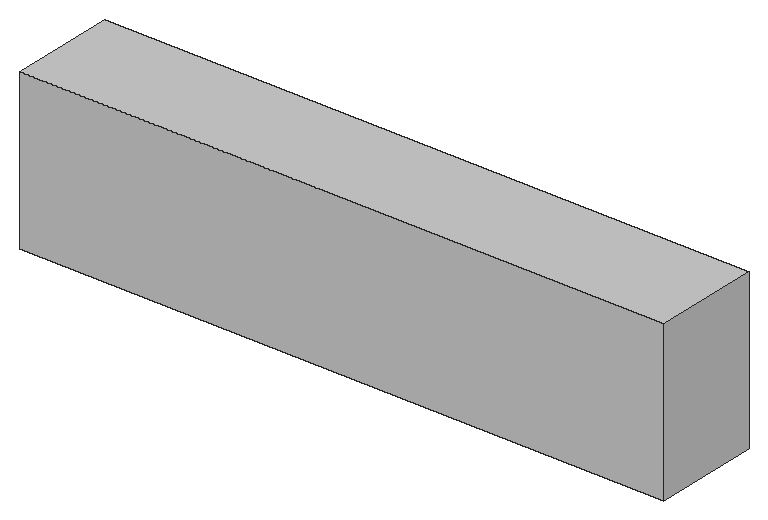
Revit family "POU-BA", category Ossature, Revit 2017
Family settings
  Afficher dans les vues cachées = Arêtes cachées par d'autres membres
  Arrondi de la longueur d'ossature = 0 mm
  Forme de coupe = Non définie
  Matériau pour le comportement du modèle = Béton
  Toujours exporter comme géométrie = Non
  Numéro OmniClass = 23.25.30.11.14.14
  Titre OmniClass = Beams
  Toujours verticalement = Oui
  Couper avec des vides une fois chargée = Non
  Représentation symbolique = De la famille
  Partagée = Non
  Afficher le prédécoupage de famille dans les vues en plan = Oui
Parameters (values of type "POUR-BA25-20x30")
  Poutre type = "PR"
  Matériau structurel = Béton, coulé sur place gris
  Largeur = 200 mm
  Hauteur = 300 mm
  Assembly Code = ""
  Length [instance] = 1524 mm
Types (80, lengths in mm): name | Poutre type | Matériau structurel | Largeur | Hauteur
  POUR-BA25-20x30 | "PR" | Béton, coulé sur place gris | 200 | 300
  POUR-BA25-20x65 | "PR" | Béton, coulé sur place gris | 200 | 650
  POUR-BA25-20x55 | "PR" | Béton, coulé sur place gris | 200 | 550
  POU-BA25-20x55 | "" | Béton, coulé sur place gris | 200 | 550
  POU-BA25-40x45 | "" | Béton, coulé sur place gris | 400 | 450
  POU-BA25-25x45 | "" | Béton, coulé sur place gris | 250 | 450
  POU-BA25-30x25 | "" | Béton, coulé sur place gris | 300 | 250
  POU-BA25-30x30 | "" | Béton, coulé sur place gris | 300 | 300
  POU-BA25-40x40 | "" | Béton, coulé sur place gris | 400 | 400
  POU-BA25-18x125 | "" | Béton, coulé sur place gris | 180 | 1250
  LON-BA25-30x60 | "L" | Béton, coulé sur place gris | 300 | 600
  LON-BA25-40x60 | "L" | Béton, coulé sur place gris | 400 | 600
  TAL-BA25-20x20 | "Talon PV" | Béton, coulé sur place gris | 200 | 200
  TAL-BA25-20x23 | "Talon PV" | Béton, coulé sur place gris | 200 | 230
  TAL-BA25-18x23 | "Talon PV" | Béton, coulé sur place gris | 180 | 230
  POU-BA25-20x87 | "" | Béton, coulé sur place gris | 200 | 870
  TAL-BA25-20x57 | "Talon PV" | Béton, coulé sur place gris | 200 | 570
  POU-BA25-70x60 | "" | Béton, coulé sur place gris | 700 | 600
  POU-BA25-50x70 | "" | Béton, coulé sur place gris | 500 | 700
  POU-BA25-60x50 | "" | Béton, coulé sur place gris | 600 | 500
  POU-BA25-40x70 | "" | Béton, coulé sur place gris | 400 | 700
  POU-BA25-70x70 | "" | Béton, coulé sur place gris | 700 | 700
  LON-BA25-20x50 | "L" | Béton, coulé sur place gris | 200 | 500
  LON-BA25-40x50 | "L" | Béton, coulé sur place gris | 400 | 500
  LON-BA25-50x50 | "L" | Béton, coulé sur place gris | 500 | 500
  BN-BA25-16x20 | "BN" | Béton, coulé sur place gris | 160 | 200
  BN-BA25-40x20 | "BN" | Béton, coulé sur place gris | 400 | 200
  POU-BA25-60x60 | "" | Béton, coulé sur place gris | 600 | 600
  POU-BA25-50x55 | "" | Béton, coulé sur place gris | 500 | 550
  POU-BA25-65x65 | "" | Béton, coulé sur place gris | 650 | 650
  TAL-BA25-55x60 | "Talon PV" | Béton, coulé sur place gris | 550 | 600
  TAL-BA25-60x65 | "Talon PV" | Béton, coulé sur place gris | 600 | 650
  POU-BA25-20x20 | "" | Béton, coulé sur place gris | 200 | 200
  POU-BA25-18x20 | "" | Béton, coulé sur place gris | 180 | 200
  POU-BA25-40x55 | "" | Béton, coulé sur place gris | 400 | 550
  POU-BA25-45x55 | "" | Béton, coulé sur place gris | 450 | 550
  POU-BA25-25x60 | "" | Béton, coulé sur place gris | 250 | 600
  BN-BA25-18x20 | "BN" | Béton, coulé sur place gris | 180 | 200
  LON-BA25-20x30 | "L" | Béton, coulé sur place gris | 200 | 300
  POU-BA25-55x65 | "" | none | 550 | 650
  POU-BA25-50x60 | "" | Béton, coulé sur place gris | 500 | 600
  POU-BA25-45x60 | "" | Béton, coulé sur place gris | 450 | 600
  POU-BA25-40x50 | "" | Béton, coulé sur place gris | 400 | 500
  POU-BA25-30x60 | "" | Béton, coulé sur place gris | 300 | 600
  POU-BA25-25x50 | "" | Béton, coulé sur place gris | 250 | 500
  POU-BA25-25x40 | "" | Béton, coulé sur place gris | 250 | 400
  POU-BA25-20x60 | "" | Béton, coulé sur place gris | 200 | 600
  POU-BA25-20x50 | "" | Béton, coulé sur place gris | 200 | 500
  POU-BA25-20x25 | "" | Béton, coulé sur place gris | 200 | 250
  POU-BA25-18x60 | "" | Béton, coulé sur place gris | 180 | 600
  POU-BA25-18x40 | "" | none | 180 | 400
  POU-BA25-18x30 | "" | none | 180 | 300
  POU-BA25-18x23 | "" | none | 180 | 230
  POU-BA25-30x50 | "" | Béton, coulé sur place gris | 300 | 500
  POU-BA25-20x35 | "" | Béton, coulé sur place gris | 200 | 350
  POU-BA25-25x30 | "" | Béton, coulé sur place gris | 250 | 300
  POU-BA25-65x75 | "" | Béton, coulé sur place gris | 650 | 750
  POU-BA25-50x65 | "" | Béton, coulé sur place gris | 500 | 650
  POU-BA25-30x35 | "" | Béton, coulé sur place gris | 300 | 350
  POU-BA25-35x40 | "" | Béton, coulé sur place gris | 350 | 400
  POU-BA25-20x30 | "" | Béton, coulé sur place gris | 200 | 300
  BN-BA25-20x20 | "BN" | Béton, coulé sur place gris | 200 | 200
  POU-BA25-70x75 | "" | Béton, coulé sur place gris | 700 | 750
  LON-BA25-55x65 | "L" | Béton, coulé sur place gris | 550 | 650
  BN-BA25-30x20 | "BN" | Béton, coulé sur place gris | 300 | 200
  LON-BA25-30x50 | "L" | Béton, coulé sur place gris | 300 | 500
  LON-BA25-65x75 | "L" | Béton, coulé sur place gris | 650 | 750
  POU-BA25-65x70 | "" | Béton, coulé sur place gris | 650 | 700
  POU-BA25-30x40 | "" | Béton, coulé sur place gris | 300 | 400
  BN-BA25-50x20 | "BN" | Béton, coulé sur place gris | 500 | 200
  POU-BA25-40x60 | "" | Béton, coulé sur place gris | 400 | 600
  POU-BA25-20x40 | "" | Béton, coulé sur place gris | 200 | 400
  POU-BA25-30x65 | "" | Béton, coulé sur place gris | 300 | 650
  POU-BA25-20x65 | "" | Béton, coulé sur place gris | 200 | 650
  POU-BA25-35x70 | "" | Béton, coulé sur place gris | 350 | 700
  POU-BA25-45x65 | "" | Béton, coulé sur place gris | 450 | 650
  POU-BA25-40x65 | "" | Béton, coulé sur place gris | 400 | 650
  POU-BA25-60x70 | "" | Béton, coulé sur place gris | 600 | 700
  LON-BA25-50x60 | "L" | Béton, coulé sur place gris | 500 | 600
  TAL-BA25-18x20 | "Talon PV" | Béton, coulé sur place gris | 180 | 200
Reference planes
  plane 1 "Centre (avant/arrière)": y = 0
  plane 2: z = 0
  plane 3 "Centre (gauche/droite)": x = 4.61
  plane 4 "Membre gauche": x = -604.99
  plane 5 "Membre droit": x = 614.21
  plane 6: y = 100
  plane 7: y = -100
  plane 8: z = 150
  plane 9 "Bas": z = -150
  plane 10 "Gauche": x = -757.39
  plane 11 "Droite": x = 766.61
Forms (mm)
  Sweep 1, solid, material "Béton, coulé sur place gris" <- "Matériau structurel"
    path origin (0, 0, 0) x (1, 0, 0) y (0, 1, 0)
      loop
        line (614.21, 0) -> (-604.99, 0)
    profile "M_Poutre rectangulaire-Profil : M_Poutre rectangulaire-Profil" origin (4.61, 0, 0) x (0, -1, 0) y (0, 0, 1)
      loop
        line (-100, -150) -> (100, -150) -> (100, 150) -> (-100, 150) -> (-100, -150)
Dimensions and locks
  "Largeur": plane 6 to plane 7
  equal spacing: plane 9 "Bas", plane 2, plane 8
  equal spacing: plane 6, plane 1 "Centre (avant/arrière)", plane 7
  "Hauteur": plane 9 "Bas" to plane 8
  "Length": plane 10 "Gauche" to plane 11 "Droite"
  aligned and locked: Sweep 1 sketch curve to plane 1 "Centre (avant/arrière)"
  aligned and locked: plane 4 "Membre gauche" to Sweep 1 sketch curve
  aligned and locked: plane 5 "Membre droit" to Sweep 1 sketch curve
